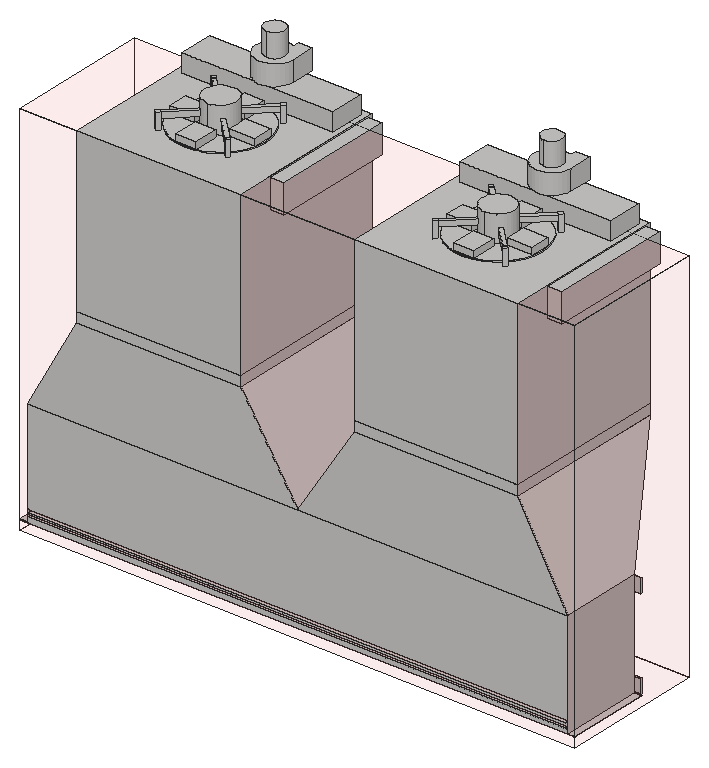
Revit family "Air-Curtain_Industrial_PoweredAire_Gas-Indirect-2Heater", category Mechanical Equipment, host Face, Revit 2017
Family settings
  Host = Face
  Round Connector Dimension = Use Diameter
  Part Type = Normal
  OmniClass Number = 23.75.35.17.21
  OmniClass Title = Air Curtains
  Cut with Voids When Loaded = No
  Shared = No
  Room Calculation Point = No
Parameters
  topbracket [instance] = Unit Height = 1' 4 3/4"  # yes
  Warranty Duration (Years) = 0
  Unit Width Notes = "Other Widths available."  # constant formula
  Unit Width = 9' - 3 5/32"
  Unit Weight = 0
  Unit Height = 1' - 4 3/4"
  Unit Depth = 1' - 9 1/4"
  URL = "http://www.poweredaire.com/"
  Test Data = ""
  Standards Conformance = "as Specified"
  Specification = "http://www.arcat.com/sdspecs/htm04/23_34_33pai.htm"
  SpecWizard = ""
  Sound Pressure = "as Specified"
  Sales Information = "http://www.poweredaire.com/contact_us"
  Revision = "R1_2016-08"
  Projection from Host [instance] = 0' - 2"
  Product Properties = ""
  Product Data = "http://www.arcat.com/arcatcos/cos47/arc47623.html"
  Power Rating = 0 W
  Piping_Operating Pressure [instance] = 0.00 psi
  Pipe OD [instance] = 5/8"
  Overall Depth = 6' - 1 3/4"
  Nozzle Width = if(1 = 1, Unit Width - 0' 3", 0' 0")  # 9' - 0 5/32"
  Mounting Width = if(1 = 1, Unit Width - 0' 1 1/2", 0' 0")  # 9' - 1 21/32"
  Mounting Height [instance] = 3' - 6"
  Motor RPM = 0
  Motor HP = 0
  Motor Count = 0
  Model = "As Specified"
  Max Height = 0' - 0"
  Manufacturer Website = "http://www.poweredaire.com/"
  Manufacturer Phone - Toll Free = "888-321-2473"
  Manufacturer Phone = "724-588-3305"
  Manufacturer Fax = "724-588-3371"
  Manufacturer Address = "109 Mortensen Rd.  Greenville, PA 16125"
  Manufacturer = "Powered Aire, Inc"
  Maintenance Schedule (Months) = 0
  Keynote = "23 34 33"
  Installation-Fabrication = ""
  Installation Phase = ""
  Include Clearance [instance] = yes
  Heating Element Load = 0 W
  Heater Weight = 0
  Heater Hanging Width = 2' - 6 5/8"
  Heater Finish [instance] = Metal - Steel - PoweredAire - Stainless 304
  HVAC_Temperature Rise = 0 °F
  HVAC_Primary CFM = 0 CFM
  HVAC_Outlet Volume = 0 CFM
  HVAC_Outlet Velocity Uniformity = 0
  HVAC_Outlet Velocity = 0 FPM
  HVAC_Exit Temperature [instance] = 0 °F
  HVAC_BTU Output = 0.0 Btu/h
  HVAC_BTU Input = 0.0 Btu/h
  Green Building-LEED = "http://www.arcat.com/green/clients/leed_data_47623.html"
  Gas Connection Diameter [instance] = 0"
  Frame Finish [instance] = Metal - Steel - PoweredAire - Stainless 304
  Expected Lifespan (Years) = 0
  Exhaust Connection Diameter = 0' - 5"
  Electrical_Wattage [instance] = Power Rating + Heating Element Load  # 0 W
  Electrical_Voltage [instance] = 0 V
  Electrical_Phase [instance] = 1
  Electrical_Frequency [instance] = 0 Hz
  Electrical_Amperage [instance] = 0 A
  Drawn By = "Sumex Design, Inc. / Robert S. Weygant, CSI, CDT, SCIP"
  Description = "Powered Aire Air Curtain as Specified"
  Default Elevation = 0' - 0"  # constant formula
  Copyright = "©Arcat Inc."
  Construction Details = "http://www.arcat.com/details/powair/prod3336.html"
  Clearance_Top [instance] = 1' - 0"
  Clearance_Side B [instance] = 0' - 0"
  Clearance_Side A [instance] = 0' - 0"
  Clearance_Intake [instance] = 0' - 0"
  Clearance_Bottom [instance] = 0' - 0"
  Clearance Material [instance] = ARCAT Clearance
  Building Codes = ""
  Available Options [instance] = "as Specified"
  Assembly Code = "D3090400"
Reference planes (in)
  plane 1 "Center (Elevation)": y = 0.13818
  plane 2: z = 0
  plane 3 "Center (Left/Right)": x = 0
  plane 4 "Top": y = 8.51318
  plane 5: y = -8.23682
  plane 6: x = -55.57812
  plane 7: x = 55.57813
  plane 8 "Front": z = 23.25
  plane 9 "FF": y = -41.86182
  plane 10: z = 2
  plane 11: x = 54.07813
  plane 12: x = -54.07812
  plane 13: y = 20.51318
  plane 14: y = -8.23682
  plane 15: x = -55.57812
  plane 16: x = 55.57813
  plane 17: z = 75.75
  plane 18: x = 54.01563
  plane 19: x = -54.01562
  plane 20: x = 54.07813
  plane 21: x = 54.07813
  plane 22: y = 6.01318
  plane 23: y = -5.73682
  plane 24: z = 75.75
  plane 25: z = 43.25
  plane 26: z = 41.25
  plane 27: x = -43.10156
  plane 28: x = -12.47656
  plane 29: x = -44.16406
  plane 30: x = -11.41406
  plane 31: x = 12.47656
  plane 32: x = 43.10156
  plane 33: x = 11.41406
  plane 34: x = 44.16406
  plane 35: x = -27.78906
  plane 36: x = 27.78906
Forms (in)
  Extrusion 1, solid, material "Metal - Steel - PoweredAire - Stainless 304" <- "Frame Finish"
    sketch origin (0, 0, 0) x (0, 1, 0) y (0, 0, 1)
      loop
        line (-8.23682, 2) -> (8.51318, 2) -> (8.51318, 23.25) -> (-8.23682, 23.25) -> (-8.23682, 2)
    from -54.07813 to 54.07812
  Extrusion 2, solid, material "ARCAT Clearance" <- "Clearance Material", visible <- "Include Clearance"
    sketch origin (0, 0, 0) x (0, 1, 0) y (0, 0, 1)
      loop
        line (-8.23682, 75.75) -> (-8.23682, 0) -> (20.51318, 0) -> (20.51318, 75.75) -> (-8.23682, 75.75)
    from -55.57812 to 55.57812
  Extrusion 3, solid, material "Metal - Steel - PoweredAire - Stainless 304" <- "Frame Finish"
    sketch origin (-15.17702, -180, 2) x (-1, 0, 0) y (0, -1, 0)
      loop
        line (-69.25515, -188.51318) -> (-69.25515, -171.76318) -> (-70.75515, -171.76318) -> (-70.75515, -188.51318) -> (-69.25515, -188.51318)
      loop
        line (38.9011, -188.51318) -> (40.4011, -188.51318) -> (40.4011, -171.76318) -> (38.9011, -171.76318) -> (38.9011, -188.51318)
    from 0 to 0.125
  Extrusion 4, solid, material "Metal - Steel - PoweredAire - Stainless 304" <- "Frame Finish", visible <- "topbracket"
    sketch origin (-11.83813, 8.51318, 48) x (-1, 0, 0) y (0, 0, 1)
      loop
        line (-65.91625, -45.5) -> (-65.91625, -42.75) -> (-67.41625, -42.75) -> (-67.41625, -45.5) -> (-65.91625, -45.5)
      loop
        line (-65.91625, -27.5) -> (-65.91625, -24.75) -> (-67.41625, -24.75) -> (-67.41625, -27.5) -> (-65.91625, -27.5)
      loop
        line (42.24, -45.5) -> (43.74, -45.5) -> (43.74, -42.75) -> (42.24, -42.75) -> (42.24, -45.5)
      loop
        line (42.24, -27.5) -> (43.74, -27.5) -> (43.74, -24.75) -> (42.24, -24.75) -> (42.24, -27.5)
    from 0 to -0.125
  Extrusion 5, void
    sketch origin (0, 0, 0) x (0, 1, 0) y (0, 0, 1)
      loop
        line (-8.23682, 3) -> (-7.23682, 3) -> (-7.23682, 4.5) -> (-8.23682, 4.5) -> (-8.23682, 3.82425) -> (-7.38364, 3.82425) -> (-7.38364, 3.57425) -> (-8.23682, 3.57425) -> (-8.23682, 3)
    from -54.01563 to 54.01562
  Blend 6, solid, material "Metal - Steel - PoweredAire - Stainless 304" <- "Frame Finish"
    base sketch origin (-15.17702, -180, 23.25) x (-1, 0, 0) y (0, -1, 0)
      loop
        line (38.9011, -188.51318) -> (38.9011, -171.76318) -> (-15.17702, -171.76318) -> (-15.17702, -188.51318) -> (38.9011, -188.51318)
    top sketch origin (-15.17702, -180, 23.25) x (-1, 0, 0) y (0, -1, 0)
      loop
        line (28.98704, -171.76318) -> (-3.76296, -171.76318) -> (-3.76296, -204.76318) -> (28.98704, -204.76318) -> (28.98704, -171.76318)
    from 0 to 18
  Blend 7, solid, material "Metal - Steel - PoweredAire - Stainless 304" <- "Frame Finish"
    base sketch origin (15.17702, -180, 23.25) x (1, 0, 0) y (0, 1, 0)
      loop
        line (38.9011, 188.51318) -> (-15.17702, 188.51318) -> (-15.17702, 171.76318) -> (38.9011, 171.76318) -> (38.9011, 188.51318)
    top sketch origin (15.17702, -180, 23.25) x (1, 0, 0) y (0, 1, 0)
      loop
        line (28.98704, 171.76318) -> (28.98704, 204.76318) -> (-3.76296, 204.76318) -> (-3.76296, 171.76318) -> (28.98704, 171.76318)
    from 0 to 18
Cuts and joins
  Extrusion 5 cuts Extrusion 1
Dimensions and locks (in)
  equal spacing: plane 4 "Top", plane 1 "Center (Elevation)", plane 5
  "Unit Height": plane 4 "Top" to plane 5
  "Unit Width": plane 6 to plane 7
  "Mounting Height": plane 1 "Center (Elevation)" to plane 9 "FF"
  "Projection from Host": plane 10 to level
  "Unit Depth": plane 8 "Front" to plane 10
  locked: plane 6 to plane 12 at 1.5
  locked: plane 11 to plane 7 at 1.5
  "Clearance_Side A": plane 7 to plane 16
  "Clearance_Side B": plane 15 to plane 6
  "Clearance_Top": plane 13 to plane 4 "Top"
  "Clearance_Bottom": plane 5 to plane 14
  "Clearance_Intake": plane 17 to plane 24
  Extrusion 5 sketch curve to Extrusion 5 sketch curve to Extrusion 5 sketch curve to Extrusion 5 sketch curve to plane 10 = 0' - 0.67575" locked, 0' - 0 1/4" locked, 0' - 0.57425" locked, 0' - 1" locked
  plane 5 to Extrusion 5 sketch curve to Extrusion 5 sketch curve = 0' - 0.85319" locked, 0' - 0.14681" locked
  locked: plane 19 to plane 12 at 0.0625
  locked: plane 11 to plane 18 at 0.0625
  locked: plane 20 to plane 11
  locked: plane 21 to plane 11
  locked: plane 4 "Top" to plane 22 at 2.5
  locked: plane 23 to plane 5 at 2.5
  "Overall Depth": plane 24 to plane 10
  locked: plane 25 to plane 26 at 2
  locked: plane 24 to plane 25 at 32.5
  locked: Blend 6 sketch curve to plane 5 at 33
  Extrusion 4 sketch curve to Extrusion 4 sketch curve to plane 10 = 0' - 2 3/4" locked, 0' - 0 1/2" locked  (x2)
  plane 8 "Front" to Extrusion 4 sketch curve to Extrusion 4 sketch curve = 0' - 0" locked, 0' - 2 3/4" locked  (x2)
  locked: plane 28 to plane 30 at 1.0625
  locked: plane 29 to plane 27 at 1.0625
  locked: plane 32 to plane 34 at 1.0625
  locked: plane 33 to plane 31 at 1.0625
  equal spacing: plane 6, plane 35, plane 3 "Center (Left/Right)", plane 36, plane 7
  equal spacing: plane 27, plane 35, plane 28
  "Heater Hanging Width": plane 27 to plane 28
  equal spacing: plane 31, plane 36, plane 32
  "Heater Hanging Width": plane 31 to plane 32
  locked: Blend 7 sketch curve to plane 5 at 33
  aligned and locked: plane 2 to host face
  aligned and locked: level to host face
  aligned and locked: Extrusion 2 sketch curve to plane 17
  aligned and locked: plane 14 to Extrusion 2 sketch curve
  aligned and locked: level to Extrusion 2 sketch curve
  aligned and locked: Extrusion 2 sketch curve to plane 13
  aligned and locked: plane 16 to Extrusion 2
  aligned and locked: Extrusion 2 to plane 15
  aligned and locked: plane 11 to Extrusion 1
  aligned and locked: Extrusion 1 to plane 12
  aligned and locked: Extrusion 1 sketch curve to plane 8 "Front"
  aligned and locked: plane 24 to nested 1
  aligned and locked: plane 5 to Blend 6 sketch curve
  aligned and locked: plane 12 to Blend 6 sketch curve
  aligned and locked: Blend 6 sketch curve to plane 4 "Top"
  aligned and locked: Blend 6 sketch curve to plane 5
  aligned and locked: plane 26 to Blend 6
  aligned and locked: plane 35 to nested 1
  aligned and locked: plane 36 to nested 2
  aligned and locked: plane 24 to nested 2
  aligned and locked: Blend 6 sketch curve to plane 3 "Center (Left/Right)"
  aligned and locked: Blend 6 sketch curve to plane 29
  aligned and locked: plane 30 to Blend 6 sketch curve
  aligned and locked: Blend 7 sketch curve to plane 5  (x2)
  aligned and locked: Blend 7 sketch curve to plane 3 "Center (Left/Right)"
  aligned and locked: plane 11 to Blend 7 sketch curve
  aligned and locked: Blend 7 sketch curve to plane 4 "Top"
  aligned and locked: plane 33 to Blend 7 sketch curve
  aligned and locked: Blend 7 sketch curve to plane 34
  aligned and locked: plane 18 to cut or joined group of Extrusion 1, Extrusion 5
  aligned and locked: cut or joined group of Extrusion 1, Extrusion 5 to plane 19
Automatic sketch dimensions
  host sketch curve to host sketch curve = 8' - 0"  (x2)
  Extrusion 1 sketch curve to plane 5 = 0' - 0"
  Extrusion 1 sketch curve to plane 4 "Top" = 0' - 0"
  Extrusion 1 sketch curve to plane 10 = 0' - 0"
  plane 4 "Top" to Extrusion 3 sketch curve = 0' - 0"
  Extrusion 3 sketch curve to plane 7 = 0' - 0"
  plane 5 to Extrusion 3 sketch curve = 0' - 0"
  Extrusion 3 sketch curve to plane 11 = 0' - 0"
  Extrusion 3 sketch curve to plane 4 "Top" = 0' - 0"
  Extrusion 3 sketch curve to plane 12 = 0' - 0"
  Extrusion 3 sketch curve to plane 6 = 0' - 0"
  Extrusion 3 sketch curve to plane 5 = 0' - 0"
  Extrusion 4 sketch curve to plane 7 = 0' - 0"  (x2)
  Extrusion 4 sketch curve to plane 11 = 0' - 0"  (x2)
  Extrusion 4 sketch curve to plane 12 = 0' - 0"  (x2)
  Extrusion 4 sketch curve to plane 6 = 0' - 0"  (x2)
  Extrusion 5 sketch curve to plane 5 = 0' - 0"  (x2)
Nested families (in)
  nested 1: "Heater" at (-27.78906, -8.23682, 43.2987) x (1, 0, 0) z (0, 1, 0), finish <- "Heater Finish", burner width <- "Heater Hanging Width", type "Heater"
    with finish Metal - Steel - PoweredAire - Stainless 304, burner width 2' - 6 5/8", Two Fan no, One Fan yes
  nested 2: "Heater" at (27.78906, -8.23682, 43.2987) x (1, 0, 0) z (0, 1, 0), finish <- "Heater Finish", burner width <- "Heater Hanging Width", type "Heater"
    with finish Metal - Steel - PoweredAire - Stainless 304, burner width 2' - 6 5/8", Two Fan no, One Fan yes
Connectors (in)
  electrical at (-54.07812, 0.13818, 12.625), driven by "Electrical_Voltage", driven by "Electrical_Phase"
    settings: on cut or joined group of Extrusion 1, Extrusion 5, index 3, voltage 0 V, apparent load 0 VA, apparent load phase1 0 VA, apparent load phase2 0 VA, apparent load phase3 0 VA, power factor 1, load classification "Motor", number of poles 1, system type 31, power factor state 1, is connector primary yes, connector utility no, sub classification motor no, connector description ""
  hvac at (-24.78906, 24.76318, 81.40625), driven by "Exhaust Connection Diameter", driven by "HVAC_Primary CFM"
    settings: on nested 1, index 4, duct flow 0 CFM, flow factor 0, pres drop 0.00 in-wg, loss coef 0, conn angle 0.00°, conn width 12", conn height 12", conn diameter 5", duct sys type 3, conn prof type 0, flow config 0, flow direction 2, loss method 0, conn ref index -1, conn util no, is conn primary yes, conn desc ""
  hvac at (30.78906, 24.76318, 81.40625), driven by "HVAC_Primary CFM", driven by "Exhaust Connection Diameter"
    settings: on nested 2, index 5, duct flow 0 CFM, flow factor 0, pres drop 0.00 in-wg, loss coef 0, conn angle 0.00°, conn width 12", conn height 12", conn diameter 5", duct sys type 3, conn prof type 0, flow config 0, flow direction 2, loss method 0, conn ref index -1, conn util no, is conn primary no, conn desc ""
Definition of nested family "Heater"
  Parameters
    finish [instance] = none
    burner width [instance] = 4' - 0 5/8"
    burner depth = 3' - 8 3/4"
    Two Fan [instance] = burner width > 4' 0"  # yes
    One Fan [instance] = burner width < 4' 0"  # no
    Default Elevation = 0' - 0"  # constant formula
  Reference planes (in)
    plane 1 "Center (Front/Back)": y = 0
    plane 2: z = 0
    plane 3 "Center (Left/Right)": x = 0
    plane 4: x = -25.375
    plane 5: x = 25.375
    plane 6: z = 33
    plane 7: y = -44.75
    plane 8: x = 3
    plane 9: x = 4.375
    plane 10: x = -12.6875
    plane 11: x = 12.6875
    plane 12: z = 15.5
    plane 13: x = -24.3125
    plane 14: x = 24.3125
  Forms (in)
    Extrusion 1, solid, material <- "finish"
      sketch origin (-74.94554, -3, 38.65968) x (0, 0, 1) y (1, 0, 0)
        loop
          line (-5.65968, 49.57054) -> (-5.65968, 100.32054) -> (-38.65968, 100.32054) -> (-38.65968, 49.57054) -> (-5.65968, 49.57054)
      from 3 to -29.4513
    Extrusion 2, solid, material <- "finish"
      sketch origin (0, 0, 0) x (0, 1, 0) y (0, 0, 1)
        loop
          line (2, 0) -> (2, 33) -> (0, 33) -> (0, 0) -> (2, 0)
      from -25.375 to 25.375
    Extrusion 3, solid, material <- "finish"
      sketch origin (-74.94554, -32.4513, 38.65968) x (0, 0, 1) y (1, 0, 0)
        loop
          line (-6.91591, 50.82971) -> (-6.91591, 99.10844) -> (-13.91591, 99.10844) -> (-13.91591, 50.82971) -> (-6.91591, 50.82971)
      from 0 to -3.625
    Extrusion 4, solid, material <- "finish"
      sketch origin (-74.94554, -36.0763, 38.65968) x (0, 0, 1) y (1, 0, 0)
        loop
          arc (-10.4052, 79.32054) -> (-12.67312, 72.60509) -> (-6.79809, 76.57054) r 3.74068
          line (-6.79809, 76.57054) -> (-5.65968, 76.57054) -> (-5.65968, 79.32054) -> (-10.4052, 79.32054)
      from 0 to -4.0625
    Extrusion 5, solid, material <- "finish"
      sketch origin (-73.58006, -40.1388, 35.52564) x (0, 0, -1) y (1, 0, 0)
        loop
          circle (7.27116, 74.21438) r 2
      from 4.6112 to 0
    Extrusion 6, solid, material <- "finish"
      sketch origin (0, 0, 0) x (1, 0, 0) y (0, 1, 0)
        loop
          line (28.3125, -32.4513) -> (28.3125, -26.7013) -> (25.3125, -26.7013) -> (25.3125, -32.4513) -> (28.3125, -32.4513)
      from 7.25 to 31.75
    Extrusion 7, solid, material <- "finish", visible <- "Two Fan"
      sketch origin (0, 0, 0) x (0, 1, 0) y (0, 0, 1)
        loop
          line (-32.4513, 6.22268) -> (-44.15658, 5.1986) -> (-44.15658, 4.4486) -> (-32.4513, 4.85736) -> (-32.4513, 6.22268)
      from -25.375 to 25.375
  Dimensions and locks (in)
    locked: Extrusion 4 sketch curve to Extrusion 4 sketch curve at 2.75
    "burner width": plane 13 to plane 14
    locked: plane 6 to level at 33
    "burner depth": plane 7 to plane 1 "Center (Front/Back)"
    locked: plane 8 to plane 9 at 1.375
    Extrusion 4 sketch curve to Extrusion 4 sketch curve to plane 8 = 0' - 0.99068" locked, 0' - 1 3/8" locked
    locked: Extrusion 5 sketch curve to plane 8 at 2.36568
    locked: plane 8 to plane 3 "Center (Left/Right)" at 3
    Extrusion 6 sketch curve to plane 5 to Extrusion 6 sketch curve = 0' - 0 1/16" locked, 0' - 2 15/16" locked
    equal spacing: plane 5, plane 11, plane 3 "Center (Left/Right)", plane 10, plane 4
    locked: plane 4 to plane 13 at 1.0625
    locked: plane 14 to plane 5 at 1.0625
    aligned and locked: plane 2 to level
    aligned: Extrusion 4 to Extrusion 5
    aligned: Extrusion 3 to Extrusion 2  (x2)
    aligned and locked: plane 7 to Extrusion 5
    aligned and locked: plane 4 to Extrusion 1 sketch curve
    aligned and locked: Extrusion 1 sketch curve to plane 5
    aligned and locked: Extrusion 7 to plane 4
    aligned and locked: plane 5 to Extrusion 7
    aligned and locked: plane 12 to nested 1
    aligned and locked: plane 3 "Center (Left/Right)" to nested 1
    aligned and locked: plane 12 to nested 3
    aligned and locked: plane 11 to nested 3
    aligned and locked: plane 10 to nested 2
    aligned and locked: plane 12 to nested 2
    aligned and locked: plane 5 to Extrusion 2
    aligned and locked: Extrusion 2 to plane 4
  Automatic sketch dimensions
    Extrusion 1 to Extrusion 3 sketch curve = 0' - 1.25917"
    Extrusion 1 to Extrusion 3 sketch curve = 0' - 8.25624"
    Extrusion 1 to Extrusion 3 sketch curve = 0' - 1.2121"
    Extrusion 1 to Extrusion 3 sketch curve = 0' - 1.25624"
    Extrusion 4 sketch curve to Extrusion 3 = 0' - 0.11782"
    Extrusion 4 sketch curve to Extrusion 3 = 0' - 1.25624"
    Extrusion 5 sketch curve to Extrusion 4 = 0' - 4.74552"
    Extrusion 1 sketch curve to level = 0' - 0"
    Extrusion 1 sketch curve to plane 6 = 0' - 0"
    Extrusion 2 sketch curve to level = 0' - 0"
    Extrusion 2 sketch curve to plane 1 "Center (Front/Back)" = 0' - 0"
    Extrusion 2 sketch curve to plane 6 = 0' - 0"
    Extrusion 2 sketch curve to Extrusion 2 sketch curve = 0' - 2"
    Extrusion 6 sketch curve to plane 7 = 1' - 0.2987"
    Extrusion 6 sketch curve to Extrusion 6 sketch curve = 0' - 5 3/4"
    Extrusion 7 sketch curve to plane 7 = 0' - 0.59342"
    level to Extrusion 7 sketch curve = 0' - 4.4486"
    Extrusion 7 sketch curve to Extrusion 7 sketch curve = 0' - 0 3/4"
    level to Extrusion 7 sketch curve = 0' - 4.85736"
    Extrusion 7 sketch curve to Extrusion 7 sketch curve = 0' - 11.70529"
    Extrusion 7 sketch curve to Extrusion 7 sketch curve = 0' - 1.36532"
    radius of Extrusion 5 sketch curve = 0' - 2"
  Nested families (in)
    nested 1: "FanControls" at (0, -32.4513, 15.5) x (1, 0, 0) z (0, -1, 0), finish <- "finish", visible <- "One Fan", type "FanControls"
      with finish none
    nested 2: "FanControls" at (-12.6875, -32.4513, 15.5) x (1, 0, 0) z (0, -1, 0), finish <- "finish", visible <- "Two Fan", type "FanControls"
      with finish none
    nested 3: "FanControls" at (12.6875, -32.4513, 15.5) x (1, 0, 0) z (0, -1, 0), finish <- "finish", visible <- "Two Fan", type "FanControls"
      with finish none
  Definition of nested family "FanControls"
    Parameters
      finish [instance] = none
      Default Elevation = 4' - 0"
    Reference planes (in)
      plane 1 "Center (Front/Back)": y = 0
      plane 2: z = 0
      plane 3 "Center (Left/Right)": x = 0
    Forms (in)
      Extrusion 1, solid, material <- "finish"
        sketch origin (-75.00804, 32.07233, 0) x (1, 0, 0) y (0, -1, 0)
          loop
            circle (75.00804, 32.07233) r 3.25
        from -5.33075 to 0
      Extrusion 2, solid, material <- "finish"
        sketch origin (24.44581, -78.06044, 0) x (1, 0, 0) y (0, -1, 0)
          loop
            line (-22.50831, -86.58776) -> (-22.50831, -81.58776) -> (-26.50831, -81.58776) -> (-26.50831, -86.58776) -> (-22.50831, -86.58776)
          loop
            line (-22.50831, -69.53312) -> (-26.50831, -69.53312) -> (-26.50831, -74.53312) -> (-22.50831, -74.53312) -> (-22.50831, -69.53312)
          loop
            line (-15.98099, -76.06044) -> (-20.98099, -76.06044) -> (-20.98099, -80.06044) -> (-15.98099, -80.06044) -> (-15.98099, -76.06044)
          loop
            line (-33.03563, -76.06044) -> (-33.03563, -80.06044) -> (-28.03563, -80.06044) -> (-28.03563, -76.06044) -> (-33.03563, -76.06044)
        from 0 to -1.37288
      Extrusion 3, solid, material <- "finish"
        sketch origin (-75.00804, 21.40968, 0) x (1, 0, 0) y (0, -1, 0)
          loop
            line (68.02536, 14.95733) -> (68.55569, 14.427) -> (75.00804, 20.87935) -> (81.46039, 14.427) -> (81.99072, 14.95733) -> (75.53837, 21.40968) -> (81.99072, 27.86203) -> (81.46039, 28.39236) -> (75.00804, 21.94001) -> (68.55569, 28.39236) -> (68.02536, 27.86203) -> (74.47771, 21.40968) -> (68.02536, 14.95733)
        from -3.1123 to -2
      Extrusion 4, solid, material <- "finish"
        sketch origin (-75.00804, 21.40968, 0) x (1, 0, 0) y (0, -1, 0)
          loop
            line (68.02536, 13.89667) -> (68.55569, 14.427) -> (68.02536, 14.95733) -> (67.49503, 14.427) -> (68.02536, 13.89667)
          loop
            line (82.52105, 14.427) -> (81.99072, 14.95733) -> (81.46039, 14.427) -> (81.99072, 13.89667) -> (82.52105, 14.427)
          loop
            line (81.99072, 28.92269) -> (81.46039, 28.39236) -> (81.99072, 27.86203) -> (82.52105, 28.39236) -> (81.99072, 28.92269)
          loop
            line (67.49503, 28.39236) -> (68.02536, 27.86203) -> (68.55569, 28.39236) -> (68.02536, 28.92269) -> (67.49503, 28.39236)
        from 0 to -3.1123
      Extrusion 5, solid, material <- "finish"
        sketch origin (0, 0, 0) x (1, 0, 0) y (0, 1, 0)
          loop
            circle (0, 0) r 9
        from 0 to 0.14961
    Dimensions and locks (in)
      Extrusion 4 sketch curve to Extrusion 4 sketch curve to Extrusion 4 sketch curve to Extrusion 4 sketch curve = 0' - 0.53033" locked, 0' - 0" locked, 0' - 0.53033" locked  (x4)
      Extrusion 3 sketch curve to Extrusion 3 sketch curve to Extrusion 3 sketch curve to Extrusion 3 sketch curve to Extrusion 3 sketch curve = 0' - 5.92202" locked, 0' - 0" locked, 0' - 0.53033" locked, 0' - 0" locked
      Extrusion 3 sketch curve to Extrusion 3 sketch curve to Extrusion 3 sketch curve to Extrusion 3 sketch curve to Extrusion 3 sketch curve = 0' - 0" locked, 0' - 0.53033" locked, 0' - 0" locked, 0' - 5.92202" locked
      locked: Extrusion 2 sketch curve to Extrusion 2 sketch curve at 5  (x2)
      aligned and locked: plane 2 to level
